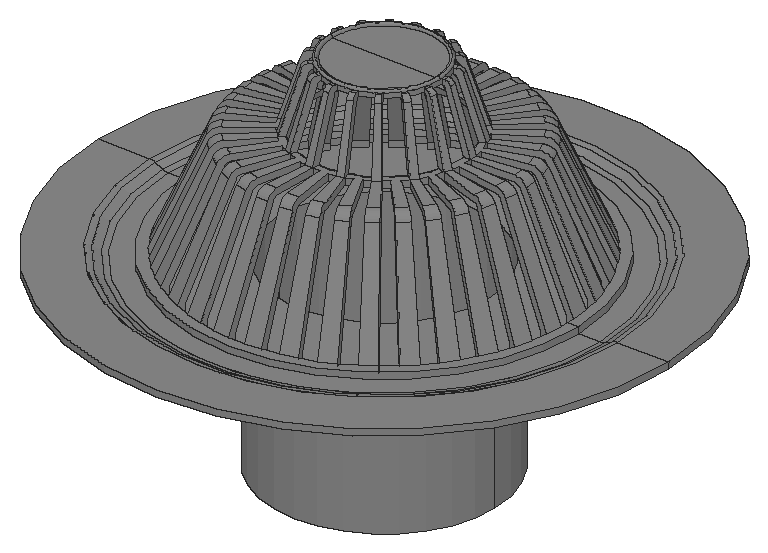
Revit family "PX_SEQ_Hydrain-Full-Bore-110mm_PC097704", category Plumbing Fixtures, Revit 2016
Family settings
  Part Type = Normal
  Round Connector Dimension = Use Diameter
  Work Plane-Based = No
  Always vertical = Yes
  Cut with Voids When Loaded = No
  Shared = No
  Room Calculation Point = No
Parameters (values of type "Hydrain Full-Bore 110mm")
  URL = "https://seaqual.co.za/collections/all"
  Type Comments = "Hydrain Full-Bore 110mm"
  Tolani Civil Projects cc URL = "www.tcpbim.co.za"
  Model = "097704"
  Manufacturer = "Seaqual"
  Created By = "Tolani Civil Projects cc"
  Black Plastic = Black Plastic
  ASAQS Code = "6.605.10"
Reference planes
  plane 1 "Center (Front/Back)": y = 0
  plane 2: z = 0
  plane 3 "Center (Left/Right)": x = 0
  plane 4: x = -135.5
  plane 5: z = 3
  plane 6: z = 6
  plane 7: x = -85.5
  plane 8: x = -82.5
  plane 9: x = -79.5
  plane 10: x = -80.5
  plane 11: z = -85
  plane 12: z = 58
  plane 13: z = 89
  plane 14: x = -92.5
  plane 15: x = -69
  plane 16: x = -40
  plane 17: x = -30
Forms (mm)
  Revolve 1, solid, material "Black Plastic" <- "Black Plastic"
    sketch origin (0, 0, 0) x (1, 0, 0) y (0, 0, 1)
      loop
        line (-50, -85) -> (-50, 3) -> (-84.208, 3) -> (-84.208, 6) -> (-62.861, 53.235)
        arc (-62.861, 53.235) -> (-61.754, 54.521) -> (-60.127, 55) r 3
        line (-60.127, 55) -> (-37.816, 55) -> (-28.486, 83.921)
        arc (-28.486, 83.921) -> (-27.397, 85.425) -> (-25.631, 86) r 3
        line (-25.631, 86) -> (0, 86) -> (0, 88) -> (-24.565, 88)
        arc (-24.565, 88) -> (-24.863, 88.712) -> (-25.578, 89) r 1
        arc (-25.578, 89) -> (-26.293, 88.712) -> (-26.59, 88) r 1
        line (-26.59, 88) -> (-28.138, 88)
        arc (-28.138, 88) -> (-29.904, 87.425) -> (-30.993, 85.921) r 3
        line (-30.993, 85.921) -> (-40, 58) -> (-60.127, 58)
        arc (-60.127, 58) -> (-63.381, 57.041) -> (-65.595, 54.471) r 6
        line (-65.595, 54.471) -> (-87.5, 6) -> (-92.5, 6) -> (-92.5, 3) -> (-102.584, 3)
        arc (-102.584, 3) -> (-103.962, 3.161) -> (-105.267, 3.633) r 6
        line (-105.267, 3.633) -> (-108.733, 5.367)
        arc (-108.733, 5.367) -> (-110.038, 5.839) -> (-111.416, 6) r 6
        line (-111.416, 6) -> (-135.5, 6) -> (-135.5, 3) -> (-111.416, 3)
        arc (-111.416, 3) -> (-110.038, 2.839) -> (-108.733, 2.367) r 6
        line (-108.733, 2.367) -> (-105.267, 0.633)
        arc (-105.267, 0.633) -> (-103.962, 0.161) -> (-102.584, 0) r 6
        line (-102.584, 0) -> (-53, 0) -> (-53, -85) -> (-50, -85)
      axis (0, 89) -> (0, -85)
    angle from 0 to 360
  Extrusion 2, void
    sketch origin (0, 0, 0) x (1, 0, 0) y (0, 1, 0)
      loop
        line (1.745, 39.962) -> (3.817, 87.417)
        arc (3.817, 87.417) -> (0, 87.5) -> (-3.817, 87.417) r 87.5
        line (-3.817, 87.417) -> (-1.745, 39.962)
        arc (-1.745, 39.962) -> (0, 40) -> (1.745, 39.962) r 40
    from 3 to 58
  Extrusion 3, void
    sketch origin (0, 0, 0) x (0.984808, 0.173648, 0) y (-0.173648, 0.984808, 0)
      loop
        line (1.745, 39.962) -> (3.817, 87.417)
        arc (3.817, 87.417) -> (0, 87.5) -> (-3.817, 87.417) r 87.5
        line (-3.817, 87.417) -> (-1.745, 39.962)
        arc (-1.745, 39.962) -> (0, 40) -> (1.745, 39.962) r 40
    from 3 to 58
  Extrusion 4, void
    sketch origin (0, 0, 0) x (0.939693, 0.34202, 0) y (-0.34202, 0.939693, 0)
      loop
        line (1.745, 39.962) -> (3.817, 87.417)
        arc (3.817, 87.417) -> (0, 87.5) -> (-3.817, 87.417) r 87.5
        line (-3.817, 87.417) -> (-1.745, 39.962)
        arc (-1.745, 39.962) -> (0, 40) -> (1.745, 39.962) r 40
    from 3 to 58
  Extrusion 5, void
    sketch origin (0, 0, 0) x (0.866025, 0.5, 0) y (-0.5, 0.866025, 0)
      loop
        line (1.745, 39.962) -> (3.817, 87.417)
        arc (3.817, 87.417) -> (0, 87.5) -> (-3.817, 87.417) r 87.5
        line (-3.817, 87.417) -> (-1.745, 39.962)
        arc (-1.745, 39.962) -> (0, 40) -> (1.745, 39.962) r 40
    from 3 to 58
  Extrusion 6, void
    sketch origin (0, 0, 0) x (0.766044, 0.642788, 0) y (-0.642788, 0.766044, 0)
      loop
        line (1.745, 39.962) -> (3.817, 87.417)
        arc (3.817, 87.417) -> (0, 87.5) -> (-3.817, 87.417) r 87.5
        line (-3.817, 87.417) -> (-1.745, 39.962)
        arc (-1.745, 39.962) -> (0, 40) -> (1.745, 39.962) r 40
    from 3 to 58
  Extrusion 7, void
    sketch origin (0, 0, 0) x (0.642788, 0.766044, 0) y (-0.766044, 0.642788, 0)
      loop
        line (1.745, 39.962) -> (3.817, 87.417)
        arc (3.817, 87.417) -> (0, 87.5) -> (-3.817, 87.417) r 87.5
        line (-3.817, 87.417) -> (-1.745, 39.962)
        arc (-1.745, 39.962) -> (0, 40) -> (1.745, 39.962) r 40
    from 3 to 58
  Extrusion 8, void
    sketch origin (0, 0, 0) x (0.5, 0.866025, 0) y (-0.866025, 0.5, 0)
      loop
        line (1.745, 39.962) -> (3.817, 87.417)
        arc (3.817, 87.417) -> (0, 87.5) -> (-3.817, 87.417) r 87.5
        line (-3.817, 87.417) -> (-1.745, 39.962)
        arc (-1.745, 39.962) -> (0, 40) -> (1.745, 39.962) r 40
    from 3 to 58
  Extrusion 9, void
    sketch origin (0, 0, 0) x (0.34202, 0.939693, 0) y (-0.939693, 0.34202, 0)
      loop
        line (1.745, 39.962) -> (3.817, 87.417)
        arc (3.817, 87.417) -> (0, 87.5) -> (-3.817, 87.417) r 87.5
        line (-3.817, 87.417) -> (-1.745, 39.962)
        arc (-1.745, 39.962) -> (0, 40) -> (1.745, 39.962) r 40
    from 3 to 58
  Extrusion 10, void
    sketch origin (0, 0, 0) x (0.173648, 0.984808, 0) y (-0.984808, 0.173648, 0)
      loop
        line (1.745, 39.962) -> (3.817, 87.417)
        arc (3.817, 87.417) -> (0, 87.5) -> (-3.817, 87.417) r 87.5
        line (-3.817, 87.417) -> (-1.745, 39.962)
        arc (-1.745, 39.962) -> (0, 40) -> (1.745, 39.962) r 40
    from 3 to 58
  Extrusion 11, void
    sketch origin (0, 0, 0) x (0, 1, 0) y (-1, 0, 0)
      loop
        line (1.745, 39.962) -> (3.817, 87.417)
        arc (3.817, 87.417) -> (0, 87.5) -> (-3.817, 87.417) r 87.5
        line (-3.817, 87.417) -> (-1.745, 39.962)
        arc (-1.745, 39.962) -> (0, 40) -> (1.745, 39.962) r 40
    from 3 to 58
  Extrusion 12, void
    sketch origin (0, 0, 0) x (-0.173648, 0.984808, 0) y (-0.984808, -0.173648, 0)
      loop
        line (1.745, 39.962) -> (3.817, 87.417)
        arc (3.817, 87.417) -> (0, 87.5) -> (-3.817, 87.417) r 87.5
        line (-3.817, 87.417) -> (-1.745, 39.962)
        arc (-1.745, 39.962) -> (0, 40) -> (1.745, 39.962) r 40
    from 3 to 58
  Extrusion 13, void
    sketch origin (0, 0, 0) x (-0.34202, 0.939693, 0) y (-0.939693, -0.34202, 0)
      loop
        line (1.745, 39.962) -> (3.817, 87.417)
        arc (3.817, 87.417) -> (0, 87.5) -> (-3.817, 87.417) r 87.5
        line (-3.817, 87.417) -> (-1.745, 39.962)
        arc (-1.745, 39.962) -> (0, 40) -> (1.745, 39.962) r 40
    from 3 to 58
  Extrusion 14, void
    sketch origin (0, 0, 0) x (-0.5, 0.866025, 0) y (-0.866025, -0.5, 0)
      loop
        line (1.745, 39.962) -> (3.817, 87.417)
        arc (3.817, 87.417) -> (0, 87.5) -> (-3.817, 87.417) r 87.5
        line (-3.817, 87.417) -> (-1.745, 39.962)
        arc (-1.745, 39.962) -> (0, 40) -> (1.745, 39.962) r 40
    from 3 to 58
  Extrusion 15, void
    sketch origin (0, 0, 0) x (-0.642788, 0.766044, 0) y (-0.766044, -0.642788, 0)
      loop
        line (1.745, 39.962) -> (3.817, 87.417)
        arc (3.817, 87.417) -> (0, 87.5) -> (-3.817, 87.417) r 87.5
        line (-3.817, 87.417) -> (-1.745, 39.962)
        arc (-1.745, 39.962) -> (0, 40) -> (1.745, 39.962) r 40
    from 3 to 58
  Extrusion 16, void
    sketch origin (0, 0, 0) x (-0.766044, 0.642788, 0) y (-0.642788, -0.766044, 0)
      loop
        line (1.745, 39.962) -> (3.817, 87.417)
        arc (3.817, 87.417) -> (0, 87.5) -> (-3.817, 87.417) r 87.5
        line (-3.817, 87.417) -> (-1.745, 39.962)
        arc (-1.745, 39.962) -> (0, 40) -> (1.745, 39.962) r 40
    from 3 to 58
  Extrusion 17, void
    sketch origin (0, 0, 0) x (-0.866025, 0.5, 0) y (-0.5, -0.866025, 0)
      loop
        line (1.745, 39.962) -> (3.817, 87.417)
        arc (3.817, 87.417) -> (0, 87.5) -> (-3.817, 87.417) r 87.5
        line (-3.817, 87.417) -> (-1.745, 39.962)
        arc (-1.745, 39.962) -> (0, 40) -> (1.745, 39.962) r 40
    from 3 to 58
  Extrusion 18, void
    sketch origin (0, 0, 0) x (-0.939693, 0.34202, 0) y (-0.34202, -0.939693, 0)
      loop
        line (1.745, 39.962) -> (3.817, 87.417)
        arc (3.817, 87.417) -> (0, 87.5) -> (-3.817, 87.417) r 87.5
        line (-3.817, 87.417) -> (-1.745, 39.962)
        arc (-1.745, 39.962) -> (0, 40) -> (1.745, 39.962) r 40
    from 3 to 58
  Extrusion 19, void
    sketch origin (0, 0, 0) x (-0.984808, 0.173648, 0) y (-0.173648, -0.984808, 0)
      loop
        line (1.745, 39.962) -> (3.817, 87.417)
        arc (3.817, 87.417) -> (0, 87.5) -> (-3.817, 87.417) r 87.5
        line (-3.817, 87.417) -> (-1.745, 39.962)
        arc (-1.745, 39.962) -> (0, 40) -> (1.745, 39.962) r 40
    from 3 to 58
  Extrusion 20, void
    sketch origin (0, 0, 0) x (-1, 0, 0) y (0, -1, 0)
      loop
        line (1.745, 39.962) -> (3.817, 87.417)
        arc (3.817, 87.417) -> (0, 87.5) -> (-3.817, 87.417) r 87.5
        line (-3.817, 87.417) -> (-1.745, 39.962)
        arc (-1.745, 39.962) -> (0, 40) -> (1.745, 39.962) r 40
    from 3 to 58
  Extrusion 21, void
    sketch origin (0, 0, 0) x (-0.984808, -0.173648, 0) y (0.173648, -0.984808, 0)
      loop
        line (1.745, 39.962) -> (3.817, 87.417)
        arc (3.817, 87.417) -> (0, 87.5) -> (-3.817, 87.417) r 87.5
        line (-3.817, 87.417) -> (-1.745, 39.962)
        arc (-1.745, 39.962) -> (0, 40) -> (1.745, 39.962) r 40
    from 3 to 58
  Extrusion 22, void
    sketch origin (0, 0, 0) x (-0.939693, -0.34202, 0) y (0.34202, -0.939693, 0)
      loop
        line (1.745, 39.962) -> (3.817, 87.417)
        arc (3.817, 87.417) -> (0, 87.5) -> (-3.817, 87.417) r 87.5
        line (-3.817, 87.417) -> (-1.745, 39.962)
        arc (-1.745, 39.962) -> (0, 40) -> (1.745, 39.962) r 40
    from 3 to 58
  Extrusion 23, void
    sketch origin (0, 0, 0) x (-0.866025, -0.5, 0) y (0.5, -0.866025, 0)
      loop
        line (1.745, 39.962) -> (3.817, 87.417)
        arc (3.817, 87.417) -> (0, 87.5) -> (-3.817, 87.417) r 87.5
        line (-3.817, 87.417) -> (-1.745, 39.962)
        arc (-1.745, 39.962) -> (0, 40) -> (1.745, 39.962) r 40
    from 3 to 58
  Extrusion 24, void
    sketch origin (0, 0, 0) x (-0.766044, -0.642788, 0) y (0.642788, -0.766044, 0)
      loop
        line (1.745, 39.962) -> (3.817, 87.417)
        arc (3.817, 87.417) -> (0, 87.5) -> (-3.817, 87.417) r 87.5
        line (-3.817, 87.417) -> (-1.745, 39.962)
        arc (-1.745, 39.962) -> (0, 40) -> (1.745, 39.962) r 40
    from 3 to 58
  Extrusion 25, void
    sketch origin (0, 0, 0) x (-0.642788, -0.766044, 0) y (0.766044, -0.642788, 0)
      loop
        line (1.745, 39.962) -> (3.817, 87.417)
        arc (3.817, 87.417) -> (0, 87.5) -> (-3.817, 87.417) r 87.5
        line (-3.817, 87.417) -> (-1.745, 39.962)
        arc (-1.745, 39.962) -> (0, 40) -> (1.745, 39.962) r 40
    from 3 to 58
  Extrusion 26, void
    sketch origin (0, 0, 0) x (-0.5, -0.866025, 0) y (0.866025, -0.5, 0)
      loop
        line (1.745, 39.962) -> (3.817, 87.417)
        arc (3.817, 87.417) -> (0, 87.5) -> (-3.817, 87.417) r 87.5
        line (-3.817, 87.417) -> (-1.745, 39.962)
        arc (-1.745, 39.962) -> (0, 40) -> (1.745, 39.962) r 40
    from 3 to 58
  Extrusion 27, void
    sketch origin (0, 0, 0) x (-0.34202, -0.939693, 0) y (0.939693, -0.34202, 0)
      loop
        line (1.745, 39.962) -> (3.817, 87.417)
        arc (3.817, 87.417) -> (0, 87.5) -> (-3.817, 87.417) r 87.5
        line (-3.817, 87.417) -> (-1.745, 39.962)
        arc (-1.745, 39.962) -> (0, 40) -> (1.745, 39.962) r 40
    from 3 to 58
  Extrusion 28, void
    sketch origin (0, 0, 0) x (-0.173648, -0.984808, 0) y (0.984808, -0.173648, 0)
      loop
        line (1.745, 39.962) -> (3.817, 87.417)
        arc (3.817, 87.417) -> (0, 87.5) -> (-3.817, 87.417) r 87.5
        line (-3.817, 87.417) -> (-1.745, 39.962)
        arc (-1.745, 39.962) -> (0, 40) -> (1.745, 39.962) r 40
    from 3 to 58
  Extrusion 29, void
    sketch origin (0, 0, 0) x (0, -1, 0) y (1, 0, 0)
      loop
        line (1.745, 39.962) -> (3.817, 87.417)
        arc (3.817, 87.417) -> (0, 87.5) -> (-3.817, 87.417) r 87.5
        line (-3.817, 87.417) -> (-1.745, 39.962)
        arc (-1.745, 39.962) -> (0, 40) -> (1.745, 39.962) r 40
    from 3 to 58
  Extrusion 30, void
    sketch origin (0, 0, 0) x (0.173648, -0.984808, 0) y (0.984808, 0.173648, 0)
      loop
        line (1.745, 39.962) -> (3.817, 87.417)
        arc (3.817, 87.417) -> (0, 87.5) -> (-3.817, 87.417) r 87.5
        line (-3.817, 87.417) -> (-1.745, 39.962)
        arc (-1.745, 39.962) -> (0, 40) -> (1.745, 39.962) r 40
    from 3 to 58
  Extrusion 31, void
    sketch origin (0, 0, 0) x (0.34202, -0.939693, 0) y (0.939693, 0.34202, 0)
      loop
        line (1.745, 39.962) -> (3.817, 87.417)
        arc (3.817, 87.417) -> (0, 87.5) -> (-3.817, 87.417) r 87.5
        line (-3.817, 87.417) -> (-1.745, 39.962)
        arc (-1.745, 39.962) -> (0, 40) -> (1.745, 39.962) r 40
    from 3 to 58
  Extrusion 32, void
    sketch origin (0, 0, 0) x (0.5, -0.866025, 0) y (0.866025, 0.5, 0)
      loop
        line (1.745, 39.962) -> (3.817, 87.417)
        arc (3.817, 87.417) -> (0, 87.5) -> (-3.817, 87.417) r 87.5
        line (-3.817, 87.417) -> (-1.745, 39.962)
        arc (-1.745, 39.962) -> (0, 40) -> (1.745, 39.962) r 40
    from 3 to 58
  Extrusion 33, void
    sketch origin (0, 0, 0) x (0.642788, -0.766044, 0) y (0.766044, 0.642788, 0)
      loop
        line (1.745, 39.962) -> (3.817, 87.417)
        arc (3.817, 87.417) -> (0, 87.5) -> (-3.817, 87.417) r 87.5
        line (-3.817, 87.417) -> (-1.745, 39.962)
        arc (-1.745, 39.962) -> (0, 40) -> (1.745, 39.962) r 40
    from 3 to 58
  Extrusion 34, void
    sketch origin (0, 0, 0) x (0.766044, -0.642788, 0) y (0.642788, 0.766044, 0)
      loop
        line (1.745, 39.962) -> (3.817, 87.417)
        arc (3.817, 87.417) -> (0, 87.5) -> (-3.817, 87.417) r 87.5
        line (-3.817, 87.417) -> (-1.745, 39.962)
        arc (-1.745, 39.962) -> (0, 40) -> (1.745, 39.962) r 40
    from 3 to 58
  Extrusion 35, void
    sketch origin (0, 0, 0) x (0.866025, -0.5, 0) y (0.5, 0.866025, 0)
      loop
        line (1.745, 39.962) -> (3.817, 87.417)
        arc (3.817, 87.417) -> (0, 87.5) -> (-3.817, 87.417) r 87.5
        line (-3.817, 87.417) -> (-1.745, 39.962)
        arc (-1.745, 39.962) -> (0, 40) -> (1.745, 39.962) r 40
    from 3 to 58
  Extrusion 36, void
    sketch origin (0, 0, 0) x (0.939693, -0.34202, 0) y (0.34202, 0.939693, 0)
      loop
        line (1.745, 39.962) -> (3.817, 87.417)
        arc (3.817, 87.417) -> (0, 87.5) -> (-3.817, 87.417) r 87.5
        line (-3.817, 87.417) -> (-1.745, 39.962)
        arc (-1.745, 39.962) -> (0, 40) -> (1.745, 39.962) r 40
    from 3 to 58
  Extrusion 37, void
    sketch origin (0, 0, 0) x (0.984808, -0.173648, 0) y (0.173648, 0.984808, 0)
      loop
        line (1.745, 39.962) -> (3.817, 87.417)
        arc (3.817, 87.417) -> (0, 87.5) -> (-3.817, 87.417) r 87.5
        line (-3.817, 87.417) -> (-1.745, 39.962)
        arc (-1.745, 39.962) -> (0, 40) -> (1.745, 39.962) r 40
    from 3 to 58
  Extrusion 38, void
    sketch origin (0, 0, 0) x (1, 0, 0) y (0, 1, 0)
      loop
        line (1.16, 26.565) -> (1.745, 39.962)
        arc (1.745, 39.962) -> (-3.486, 39.848) -> (-8.658, 39.052) r 40
        line (-8.658, 39.052) -> (-5.755, 25.96)
        arc (-5.755, 25.96) -> (-2.318, 26.489) -> (1.16, 26.565) r 26.59
    from 58 to 88
  Extrusion 39, void
    sketch origin (0, 0, 0) x (0.939693, 0.34202, 0) y (-0.34202, 0.939693, 0)
      loop
        line (1.16, 26.565) -> (1.745, 39.962)
        arc (1.745, 39.962) -> (-3.486, 39.848) -> (-8.658, 39.052) r 40
        line (-8.658, 39.052) -> (-5.755, 25.96)
        arc (-5.755, 25.96) -> (-2.318, 26.489) -> (1.16, 26.565) r 26.59
    from 58 to 88
  Extrusion 40, void
    sketch origin (0, 0, 0) x (0.766044, 0.642788, 0) y (-0.642788, 0.766044, 0)
      loop
        line (1.16, 26.565) -> (1.745, 39.962)
        arc (1.745, 39.962) -> (-3.486, 39.848) -> (-8.658, 39.052) r 40
        line (-8.658, 39.052) -> (-5.755, 25.96)
        arc (-5.755, 25.96) -> (-2.318, 26.489) -> (1.16, 26.565) r 26.59
    from 58 to 88
  Extrusion 41, void
    sketch origin (0, 0, 0) x (0.5, 0.866025, 0) y (-0.866025, 0.5, 0)
      loop
        line (1.16, 26.565) -> (1.745, 39.962)
        arc (1.745, 39.962) -> (-3.486, 39.848) -> (-8.658, 39.052) r 40
        line (-8.658, 39.052) -> (-5.755, 25.96)
        arc (-5.755, 25.96) -> (-2.318, 26.489) -> (1.16, 26.565) r 26.59
    from 58 to 88
  Extrusion 42, void
    sketch origin (0, 0, 0) x (0.173648, 0.984808, 0) y (-0.984808, 0.173648, 0)
      loop
        line (1.16, 26.565) -> (1.745, 39.962)
        arc (1.745, 39.962) -> (-3.486, 39.848) -> (-8.658, 39.052) r 40
        line (-8.658, 39.052) -> (-5.755, 25.96)
        arc (-5.755, 25.96) -> (-2.318, 26.489) -> (1.16, 26.565) r 26.59
    from 58 to 88
  Extrusion 43, void
    sketch origin (0, 0, 0) x (-0.173648, 0.984808, 0) y (-0.984808, -0.173648, 0)
      loop
        line (1.16, 26.565) -> (1.745, 39.962)
        arc (1.745, 39.962) -> (-3.486, 39.848) -> (-8.658, 39.052) r 40
        line (-8.658, 39.052) -> (-5.755, 25.96)
        arc (-5.755, 25.96) -> (-2.318, 26.489) -> (1.16, 26.565) r 26.59
    from 58 to 88
  Extrusion 44, void
    sketch origin (0, 0, 0) x (-0.5, 0.866025, 0) y (-0.866025, -0.5, 0)
      loop
        line (1.16, 26.565) -> (1.745, 39.962)
        arc (1.745, 39.962) -> (-3.486, 39.848) -> (-8.658, 39.052) r 40
        line (-8.658, 39.052) -> (-5.755, 25.96)
        arc (-5.755, 25.96) -> (-2.318, 26.489) -> (1.16, 26.565) r 26.59
    from 58 to 88
  Extrusion 45, void
    sketch origin (0, 0, 0) x (-0.766044, 0.642788, 0) y (-0.642788, -0.766044, 0)
      loop
        line (1.16, 26.565) -> (1.745, 39.962)
        arc (1.745, 39.962) -> (-3.486, 39.848) -> (-8.658, 39.052) r 40
        line (-8.658, 39.052) -> (-5.755, 25.96)
        arc (-5.755, 25.96) -> (-2.318, 26.489) -> (1.16, 26.565) r 26.59
    from 58 to 88
  Extrusion 46, void
    sketch origin (0, 0, 0) x (-0.939693, 0.34202, 0) y (-0.34202, -0.939693, 0)
      loop
        line (1.16, 26.565) -> (1.745, 39.962)
        arc (1.745, 39.962) -> (-3.486, 39.848) -> (-8.658, 39.052) r 40
        line (-8.658, 39.052) -> (-5.755, 25.96)
        arc (-5.755, 25.96) -> (-2.318, 26.489) -> (1.16, 26.565) r 26.59
    from 58 to 88
  Extrusion 47, void
    sketch origin (0, 0, 0) x (-1, 0, 0) y (0, -1, 0)
      loop
        line (1.16, 26.565) -> (1.745, 39.962)
        arc (1.745, 39.962) -> (-3.486, 39.848) -> (-8.658, 39.052) r 40
        line (-8.658, 39.052) -> (-5.755, 25.96)
        arc (-5.755, 25.96) -> (-2.318, 26.489) -> (1.16, 26.565) r 26.59
    from 58 to 88
  Extrusion 48, void
    sketch origin (0, 0, 0) x (-0.939693, -0.34202, 0) y (0.34202, -0.939693, 0)
      loop
        line (1.16, 26.565) -> (1.745, 39.962)
        arc (1.745, 39.962) -> (-3.486, 39.848) -> (-8.658, 39.052) r 40
        line (-8.658, 39.052) -> (-5.755, 25.96)
        arc (-5.755, 25.96) -> (-2.318, 26.489) -> (1.16, 26.565) r 26.59
    from 58 to 88
  Extrusion 49, void
    sketch origin (0, 0, 0) x (-0.766044, -0.642788, 0) y (0.642788, -0.766044, 0)
      loop
        line (1.16, 26.565) -> (1.745, 39.962)
        arc (1.745, 39.962) -> (-3.486, 39.848) -> (-8.658, 39.052) r 40
        line (-8.658, 39.052) -> (-5.755, 25.96)
        arc (-5.755, 25.96) -> (-2.318, 26.489) -> (1.16, 26.565) r 26.59
    from 58 to 88
  Extrusion 50, void
    sketch origin (0, 0, 0) x (-0.5, -0.866025, 0) y (0.866025, -0.5, 0)
      loop
        line (1.16, 26.565) -> (1.745, 39.962)
        arc (1.745, 39.962) -> (-3.486, 39.848) -> (-8.658, 39.052) r 40
        line (-8.658, 39.052) -> (-5.755, 25.96)
        arc (-5.755, 25.96) -> (-2.318, 26.489) -> (1.16, 26.565) r 26.59
    from 58 to 88
  Extrusion 51, void
    sketch origin (0, 0, 0) x (-0.173648, -0.984808, 0) y (0.984808, -0.173648, 0)
      loop
        line (1.16, 26.565) -> (1.745, 39.962)
        arc (1.745, 39.962) -> (-3.486, 39.848) -> (-8.658, 39.052) r 40
        line (-8.658, 39.052) -> (-5.755, 25.96)
        arc (-5.755, 25.96) -> (-2.318, 26.489) -> (1.16, 26.565) r 26.59
    from 58 to 88
  Extrusion 52, void
    sketch origin (0, 0, 0) x (0.173648, -0.984808, 0) y (0.984808, 0.173648, 0)
      loop
        line (1.16, 26.565) -> (1.745, 39.962)
        arc (1.745, 39.962) -> (-3.486, 39.848) -> (-8.658, 39.052) r 40
        line (-8.658, 39.052) -> (-5.755, 25.96)
        arc (-5.755, 25.96) -> (-2.318, 26.489) -> (1.16, 26.565) r 26.59
    from 58 to 88
  Extrusion 53, void
    sketch origin (0, 0, 0) x (0.5, -0.866025, 0) y (0.866025, 0.5, 0)
      loop
        line (1.16, 26.565) -> (1.745, 39.962)
        arc (1.745, 39.962) -> (-3.486, 39.848) -> (-8.658, 39.052) r 40
        line (-8.658, 39.052) -> (-5.755, 25.96)
        arc (-5.755, 25.96) -> (-2.318, 26.489) -> (1.16, 26.565) r 26.59
    from 58 to 88
  Extrusion 54, void
    sketch origin (0, 0, 0) x (0.766044, -0.642788, 0) y (0.642788, 0.766044, 0)
      loop
        line (1.16, 26.565) -> (1.745, 39.962)
        arc (1.745, 39.962) -> (-3.486, 39.848) -> (-8.658, 39.052) r 40
        line (-8.658, 39.052) -> (-5.755, 25.96)
        arc (-5.755, 25.96) -> (-2.318, 26.489) -> (1.16, 26.565) r 26.59
    from 58 to 88
  Extrusion 55, void
    sketch origin (0, 0, 0) x (0.939693, -0.34202, 0) y (0.34202, 0.939693, 0)
      loop
        line (1.16, 26.565) -> (1.745, 39.962)
        arc (1.745, 39.962) -> (-3.486, 39.848) -> (-8.658, 39.052) r 40
        line (-8.658, 39.052) -> (-5.755, 25.96)
        arc (-5.755, 25.96) -> (-2.318, 26.489) -> (1.16, 26.565) r 26.59
    from 58 to 88
Cuts and joins
  Extrusion 2, Extrusion 3, Extrusion 4, Extrusion 5, Extrusion 6, Extrusion 7, Extrusion 8, Extrusion 9, Extrusion 10, Extrusion 11, Extrusion 12, Extrusion 13, Extrusion 14, Extrusion 15, Extrusion 16, Extrusion 17, Extrusion 18, Extrusion 19, Extrusion 20, Extrusion 21, Extrusion 22, Extrusion 23, Extrusion 24, Extrusion 25, Extrusion 26, Extrusion 27, Extrusion 28, Extrusion 29, Extrusion 30, Extrusion 31, Extrusion 32, Extrusion 33, Extrusion 34, Extrusion 35, Extrusion 36, Extrusion 37, Extrusion 38, Extrusion 39, Extrusion 40, Extrusion 41, Extrusion 42, Extrusion 43, Extrusion 44, Extrusion 45, Extrusion 46, Extrusion 47, Extrusion 48, Extrusion 49, Extrusion 50, Extrusion 51, Extrusion 52, Extrusion 53, Extrusion 54, Extrusion 55 cuts Revolve 1
Dimensions and locks
  locked: plane 3 "Center (Left/Right)" to plane 4 at 135.5
  plane 6 to plane 5 to level = 3 mm locked, 3 mm locked
  plane 9 to plane 8 to plane 7 to plane 4 = 3 mm locked, 3 mm locked, 50 mm locked
  locked: level to plane 11 at 85
  locked: plane 12 to plane 6 at 52
  locked: plane 13 to plane 12 at 31
  plane 3 "Center (Left/Right)" to plane 14 = 92.5 mm
  locked: plane 3 "Center (Left/Right)" to plane 15 at 69
  locked: plane 3 "Center (Left/Right)" to plane 16 at 40
  locked: plane 3 "Center (Left/Right)" to plane 17 at 30
  plane 3 "Center (Left/Right)" to plane 10 = 80.5 mm
  locked: Revolve 1 sketch curve to Revolve 1 sketch curve at 3  (x4)
  locked: Revolve 1 sketch curve to plane 14 at 8.292
  locked: plane 13 to Revolve 1 sketch curve at 1  (x2)
  locked: plane 13 to Revolve 1 sketch curve at 3
  Revolve 1 sketch curve to Revolve 1 sketch curve to plane 17 = 2.025 mm locked, 3.41 mm locked
  locked: plane 12 to Revolve 1 sketch curve at 3
  locked: Revolve 1 sketch curve to Revolve 1 sketch curve at 53
  aligned and locked: level to plane 2
  aligned and locked: plane 11 to Revolve 1 sketch curve
  aligned and locked: Revolve 1 sketch curve to level
  aligned and locked: Revolve 1 sketch curve to plane 5  (x2)
  aligned and locked: plane 5 to Revolve 1 sketch curve
  aligned and locked: Revolve 1 sketch curve to plane 6
  aligned and locked: Revolve 1 sketch curve to plane 4
  aligned and locked: plane 12 to Revolve 1 sketch curve
  aligned and locked: Revolve 1 sketch curve to plane 3 "Center (Left/Right)"  (x2)
  aligned and locked: plane 6 to Revolve 1 sketch curve
  aligned and locked: plane 14 to Revolve 1 sketch curve
  aligned and locked: Revolve 1 to Extrusion 2
  aligned and locked: Extrusion 38 to cut or joined group 1 (Revolve 1, Extrusion 2, Extrusion 3, Extrusion 4, Extrusion 5, Extrusion 6, Extrusion 7, Extrusion 8, Extrusion 9, Extrusion 10, Extrusion 11, Extrusion 12, Extrusion 13, Extrusion 14, Extrusion 15, Extrusion 16, Extrusion 17, Extrusion 18, Extrusion 19, Extrusion 20, Extrusion 21, Extrusion 22, Extrusion 23, Extrusion 24, Extrusion 25, Extrusion 26, Extrusion 27, Extrusion 28, Extrusion 29, Extrusion 30, Extrusion 31, Extrusion 32, Extrusion 33, Extrusion 34, Extrusion 35, Extrusion 36, Extrusion 37, Extrusion 38, Extrusion 39, Extrusion 40, Extrusion 41, Extrusion 42, Extrusion 43, Extrusion 44, Extrusion 45, Extrusion 46, Extrusion 47, Extrusion 48, Extrusion 49, Extrusion 50, Extrusion 51, Extrusion 52, Extrusion 53, Extrusion 54, Extrusion 55)
  aligned and locked: cut or joined group 1 to Extrusion 38
Connectors
  piping at (0, 0, -85), diameter 110
    settings: on cut or joined group 1, index 1, connector inside diameter 609.6 mm, connector length 0 mm, flow factor 0, pipe flow 0.0 L/s, pressure drop 0.0 Pa, fitting loss kfactor 0, connector angle 0.00°, fixture units 0, engagement length 0 mm, angle of deflection 0.00°, flow configuration 0, flow direction 0, fitting loss method 0, system type 16, joint type 0, gender type 0, connector reference index -1, connector utility 0, adjustable connector no, is connector primary yes, connector description ""
